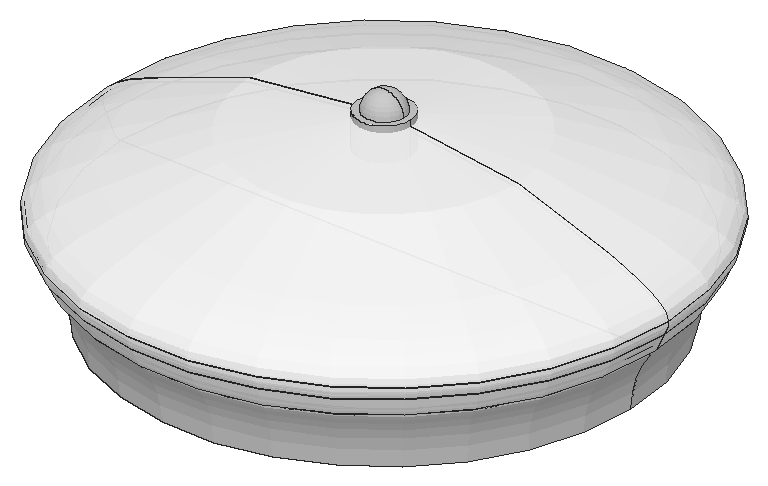
Revit family "0043407", category Lighting Devices, host Face, Revit 2023
Family settings
  Host = Face
  Round Connector Dimension = Use Diameter
  Part Type = Normal
  OmniClass Number = 23.80.70.00
  OmniClass Title = Lighting
  Cut with Voids When Loaded = No
  Maintain Annotation Orientation = No
  Shared = No
  Room Calculation Point = No
Parameters (values of type "START SURFACE IP54 PIR 450-1800 830/840")
  Weight = "0.62 kg"
  Wattage Comments = ""
  WarrantyStartDate [instance] = "n/a"
  WarrantyGuarantorParts = "n/a"
  WarrantyDurationUnit = "Years"
  WarrantyDurationParts = "5"
  WarrantyDescription = "http://www.sylvania-group.com"
  Voltage = 230 V
  URL = "http://www.sylvania-group.com"
  TypeName = "START Surface IP54 - 300mm"
  Type Image = <None>
  Type IFC Predefined Type = "IfcLightFixtureType"
  Type Comments = "n/a"
  SerialNumber [instance] = "n/a"
  Material_3_SYL = none
  PowerFactor = 0.8
  PowerConsumption = "17.5 W"
  NominalLength = NominalDepth  # 300 mm
  NominalHeight = 105 mm
  NominalDepth = 300 mm
  Name = "START SURFACE IP54 PIR 450-1800 830/840"
  ModelReference = Name  # "START SURFACE IP54 PIR 450-1800 830/840"
  ModelNumber = "0043407"
  Model = Name  # "START SURFACE IP54 PIR 450-1800 830/840"
  Material = "Polycarbonate"
  ManufacturerName = Manufacturer  # "Feilo Sylvania"
  Manufacturer = "Feilo Sylvania"
  LuminousEfficacy = "103 lm/W"
  LuminaireType = "Ceiling / surface mounting"
  LightSettingControl [instance] = if(LightSetting < 1, 1, if(LightSetting > 8, 8, LightSetting))  # 1
  Light8_4000K_17.5W [instance] = (LightSettingControl = 8)  # no
  Light7_4000K_13.5W [instance] = (LightSettingControl = 7)  # no
  Light6_4000K_9.3W [instance] = (LightSettingControl = 6)  # no
  Light5_4000K_6W [instance] = (LightSettingControl = 5)  # no
  Light4_3000K_17.5W [instance] = (LightSettingControl = 4)  # no
  Light3_3000K_13.5W [instance] = (LightSettingControl = 3)  # no
  Light2_3000K_9.3W [instance] = (LightSettingControl = 2)  # no
  Light1_3000K_6W [instance] = (LightSettingControl = 1)  # yes
  LightSetting [instance] = 1
  LightOutputRatio = ""
  LampsType = Lamp  # "LED"
  LampNominalLuminous = "1800 lm"
  LampMacAdamStep = "6"
  LampHeight = 94 mm
  LampColourTemperature = "3000/4000K"
  LampColourRenderingIndex = "80"
  Lamp = "LED"
  Keynote = "16500"
  InstallationDate [instance] = "n/a"
  InputVoltage = "220-240 V"
  InputNominalFrequency = "50/60Hz"
  IngressProtection = "IP54"
  ImpactProtectionIndex = "IK03"
  IfcExportType = "IfcLightFixtureType"
  IfcExportAs = "IfcLightFixtureType"
  Export Type to IFC As = "IfcLightFixtureType"
  ElectricShockClassification = "Class II"
  DocumentationLiterature = "https://www.sylvania-lighting.com/product/en-int/products/0043407/"
  DimmingControlOptions = "n/a"
  Material_2_SYL = PMMA Acrylic_Opal_4000K
  DiffuserRadius = if(NominalDepth = 300 mm, 150 mm, 200 mm)  # 150 mm
  Description = "Ceiling / wall luminaire with integrated LED. Perfect solution for hallways, circulation spaces or foyers. Body Size diameter 300mm. Besa mounting box compatible, hole distance 51 & 78mm. DualTone functionality enables switch between 3000K and 4000K colour temperatures. With the help of DIP Switch multiple lumen outputs can be set up in 4 steps (4000K: 6W 450lm, 9.3W 890lm, 13.5W 1400lm, 17.5W 1800lm). Efficacy up to 104lm/W. Supplied with integrated PIR (infra-red) sensor for automatic on-off presence control. Non-dimmable. IK03, IP54. Low maintenance with lifespan 120,000 hours L70:B50."
  Default Elevation = 1219.2 mm
  CreatedOn = "27/08/2024"
  CreatedBy = "petra.pavlicz@sylvania-lighting.com"
  Cost = 0
  Coefficient of Utilization [instance] = 0
  ClassificationValue = "EF_70_80"
  ClassificationName = "Uniclass2015"
  Material_1_SYL = PC Polycarbonate_RAL 9003_Signal white
  BottomRadius = if(NominalDepth = 300 mm, 130 mm, 172 mm)  # 130 mm
  BodyRadius = if(NominalDepth = 300 mm, 140 mm, 186 mm)  # 140 mm
  BodyHeight = if(NominalDepth = 300 mm, 30 mm, 39.5 mm)  # 30 mm
  BarCode [instance] = "n/a"
  AssetType = "Fixed"
  AssetIdentifier [instance] = "n/a"
  Assembly Code = "D5020200"
  Material_4_SYL = none
  Apparent Load = 21.9 VA
Reference planes
  plane 1 "Center (Front/Back)": y = 0
  plane 2: z = 0
  plane 3 "Center (Left/Right)": x = 0
  plane 4: y = 150
  plane 5: y = -150
  plane 6: x = -150
  plane 7: x = 150
  plane 8 "Diffuser top": z = 94
  plane 9 "Body height": z = 30
  plane 10 "Bottom width": x = -130
  plane 11 "Body width": x = -140
  plane 12 "Void": z = 11
  plane 13: z = 105
Forms (mm)
  Extrusion 1, solid, material "PMMA Acrylic_Opal_4000K" <- "Material_2_SYL", detail levels coarse
    sketch origin (0, 0, 0) x (1, 0, 0) y (0, 1, 0)
      loop
        circle (0, 0) r 150
    from 0 to 94
  Revolve 2, solid, material "PC Polycarbonate_RAL 9003_Signal white" <- "Material_1_SYL", detail levels medium+fine
    sketch origin (0, 0, 0) x (1, 0, 0) y (0, 0, 1)
      loop
        line (-130, 0) -> (0, 0) -> (0, 30) -> (-140, 30)
        spline (-140, 30) -> (-140.096, 29.28) -> (-139.766, 28.341) -> (-139.087, 27.151) -> (-138.135, 25.68) -> (-136.989, 23.896) -> (-135.725, 21.767) -> (-134.421, 19.262) -> (-133.154, 16.35) -> (-132.001, 12.999) -> (-131.04, 9.178) -> (-130.347, 4.856) -> (-130, 0)
      axis (0, 30) -> (0, 0)
    angle from 0 to 360
  Revolve 3, solid, material "PMMA Acrylic_Opal_4000K" <- "Material_2_SYL", detail levels medium+fine
    sketch origin (0, 0, 0) x (1, 0, 0) y (0, 0, 1)
      loop
        line (-140, 30) -> (0, 30) -> (0, 31.982) -> (-138.865, 31.982)
        spline (-138.865, 31.982) -> (-139.46, 32.068) -> (-139.993, 32.228) -> (-140.485, 32.484) -> (-140.957, 32.859) -> (-141.427, 33.375) -> (-141.917, 34.053) -> (-142.446, 34.916) -> (-143.035, 35.985) -> (-143.703, 37.282) -> (-144.472, 38.83) -> (-145.361, 40.65) -> (-146.391, 42.764)
        spline (-146.391, 42.764) -> (-146.658, 43.166) -> (-146.904, 43.576) -> (-147.128, 43.993) -> (-147.33, 44.418) -> (-147.511, 44.849) -> (-147.669, 45.288) -> (-147.805, 45.735) -> (-147.92, 46.188) -> (-148.012, 46.649) -> (-148.083, 47.117) -> (-148.132, 47.593) -> (-148.158, 48.075)
        spline (-148.158, 48.075) -> (-146.622, 52.076) -> (-142.283, 55.894) -> (-135.551, 59.689) -> (-126.831, 63.622) -> (-116.532, 67.853) -> (-104.921, 72.433) -> (-91.899, 77.119) -> (-77.305, 81.621) -> (-60.979, 85.648) -> (-42.76, 88.911) -> (-22.487, 91.119) -> (0, 91.982)
        line (0, 91.982) -> (0, 94)
        spline (0, 94) -> (-22.674, 93.214) -> (-43.099, 91.049) -> (-61.45, 87.793) -> (-77.901, 83.737) -> (-92.625, 79.168) -> (-105.795, 74.375) -> (-117.586, 69.649) -> (-128.097, 65.221) -> (-137.029, 61.024) -> (-143.945, 56.891) -> (-148.414, 52.653) -> (-150, 48.14)
        spline (-150, 48.14) -> (-149.986, 47.542) -> (-149.945, 46.952) -> (-149.877, 46.37) -> (-149.781, 45.797) -> (-149.658, 45.231) -> (-149.507, 44.674) -> (-149.329, 44.124) -> (-149.123, 43.583) -> (-148.891, 43.05) -> (-148.63, 42.525) -> (-148.343, 42.009) -> (-148.028, 41.5)
        spline (-148.028, 41.5) -> (-146.93, 39.245) -> (-145.981, 37.304) -> (-145.161, 35.653) -> (-144.448, 34.269) -> (-143.82, 33.129) -> (-143.256, 32.209) -> (-142.733, 31.486) -> (-142.232, 30.936) -> (-141.729, 30.535) -> (-141.204, 30.262) -> (-140.635, 30.091) -> (-140, 30)
      axis (0, 94) -> (0, 30)
    angle from 360 to 0
  Extrusion 4, void
    sketch origin (0, 0, 0) x (1, 0, 0) y (0, 1, 0)
      loop
        circle (0, 0) r 118.25
    from 0 to 11
Cuts and joins
  Extrusion 4 cuts Revolve 2
Dimensions and locks
  "NominalDepth": plane 4 to plane 5
  equal spacing: plane 4, plane 1 "Center (Front/Back)", plane 5
  "NominalLength": plane 6 to plane 7
  equal spacing: plane 6, plane 3 "Center (Left/Right)", plane 7
  "LampHeight": plane 8 "Diffuser top" to plane 2
  "BottomRadius": plane 3 "Center (Left/Right)" to plane 10 "Bottom width"
  "BodyRadius": plane 3 "Center (Left/Right)" to plane 11 "Body width"
  "BodyHeight": plane 9 "Body height" to plane 2
  "DiffuserRadius": plane 3 "Center (Left/Right)" to plane 6
  locked: plane 12 "Void" to plane 2 at 11
  "NominalHeight": plane 13 to plane 2
  "NominalDepth": diameter of Extrusion 1 sketch curve
  diameter of Extrusion 4 sketch curve = 236.5 mm
  aligned and locked: plane 2 to host face
  aligned and locked: level to host face
  aligned and locked: Extrusion 1 to plane 2
  aligned and locked: plane 8 "Diffuser top" to Extrusion 1
  aligned and locked: Revolve 2 sketch curve to plane 3 "Center (Left/Right)"
  aligned and locked: Revolve 2 to plane 9 "Body height"
  aligned and locked: Revolve 2 to plane 2
  aligned and locked: plane 10 "Bottom width" to Revolve 2 sketch curve
  aligned and locked: plane 11 "Body width" to Revolve 2 sketch curve
  aligned and locked: Revolve 2 sketch curve to plane 2
  aligned and locked: Revolve 2 sketch curve to plane 9 "Body height"
  aligned and locked: plane 6 to Revolve 3 sketch curve
  aligned and locked: Revolve 3 sketch curve to plane 9 "Body height"
  aligned and locked: plane 11 "Body width" to Revolve 3 sketch curve
  aligned and locked: plane 3 "Center (Left/Right)" to Extrusion 4 sketch curve
  aligned and locked: plane 1 "Center (Front/Back)" to Extrusion 4 sketch curve
  aligned and locked: cut or joined group of Revolve 2, Extrusion 4 to plane 2
  aligned and locked: plane 12 "Void" to cut or joined group of Revolve 2, Extrusion 4
  aligned and locked: plane 3 "Center (Left/Right)" to Revolve 3 sketch curve  (x2)
  aligned and locked: plane 3 "Center (Left/Right)" to nested 1
  aligned and locked: plane 1 "Center (Front/Back)" to nested 1
Automatic sketch dimensions
  host sketch curve to host sketch curve = 2438.4 mm  (x2)
  Revolve 2 sketch curve to plane 3 "Center (Left/Right)" = 0 mm
  Revolve 2 sketch curve to level = 609.6 mm
  plane 8 "Diffuser top" to Revolve 2 sketch curve = 2515.058 mm
  Revolve 3 sketch curve to plane 3 "Center (Left/Right)" = 0 mm
  Revolve 3 sketch curve to plane 8 "Diffuser top" = 0 mm
  plane 6 to Revolve 3 sketch curve = 1.842 mm
  plane 6 to Revolve 3 sketch curve = 1.972 mm
  Revolve 3 sketch curve to Revolve 3 sketch curve = 1.637 mm
  plane 11 "Body width" to Revolve 3 sketch curve = 1.135 mm
  Revolve 3 sketch curve to Revolve 3 sketch curve = 1.982 mm
  plane 9 "Body height" to Revolve 3 sketch curve = 11.5 mm
  Revolve 3 sketch curve to Revolve 3 sketch curve = 1.264 mm
  Revolve 3 sketch curve to Revolve 3 sketch curve = 5.312 mm
  Revolve 3 sketch curve to Revolve 3 sketch curve = 0.065 mm
  Revolve 3 sketch curve to level = 609.6 mm
  Revolve 3 sketch curve to plane 8 "Diffuser top" = 2.018 mm
  Revolve 3 sketch curve to Revolve 3 sketch curve = 2515.058 mm
  plane 1 "Center (Front/Back)" to Extrusion 1 sketch curve = 0 mm
  Extrusion 1 sketch curve to plane 3 "Center (Left/Right)" = 0 mm
Nested families
  nested 1: "PIR_nested" at (0, 0, 94), type "Type Name"
  nested 2: "0043407_3000K_6W_lightsource" at (0, 0, 94) x (0, -1, 0) z (0, 0, 1), visible <- "Light1_3000K_6W", type "START SURFACE IP54 PIR 450-1800 830/840 lightsource"
    with built-in parameter 1114216 (empty or 0)
  nested 3: "0043407_3000K_9.3W_lightsource" at (0, 0, 94) x (-1, 0, 0) z (0, 0, 1), visible <- "Light2_3000K_9.3W", type "START SURFACE IP54 PIR 450-1800 830/840 lightsource"
    with built-in parameter 1114216 (empty or 0)
  nested 4: "0043407_3000K_13.5W_lightsource" at (0, 0, 94) x (-1, 0, 0) z (0, 0, 1), visible <- "Light3_3000K_13.5W", type "START SURFACE IP54 PIR 450-1800 830/840 lightsource"
    with built-in parameter 1114216 (empty or 0)
  nested 5: "0043407_3000K_17.5W_lightsource" at (0, 0, 94) x (-1, 0, 0) z (0, 0, 1), visible <- "Light4_3000K_17.5W", type "START SURFACE IP54 PIR 450-1800 830/840 lightsource"
    with built-in parameter 1114216 (empty or 0)
  nested 6: "0043407_4000K_6W_lightsource" at (0, 0, 94) x (-1, 0, 0) z (0, 0, 1), visible <- "Light5_4000K_6W", type "START SURFACE IP54 PIR 450-1800 830/840 lightsource"
    with built-in parameter 1114216 (empty or 0)
  nested 7: "0043407_4000K_9.3W_lightsource" at (0, 0, 94) x (-1, 0, 0) z (0, 0, 1), visible <- "Light6_4000K_9.3W", type "START SURFACE IP54 PIR 450-1800 830/840 lightsource"
    with built-in parameter 1114216 (empty or 0)
  nested 8: "0043407_4000K_13.5W_lightsource" at (0, 0, 94) x (-1, 0, 0) z (0, 0, 1), visible <- "Light7_4000K_13.5W", type "START SURFACE IP54 PIR 450-1800 830/840 lightsource"
    with built-in parameter 1114216 (empty or 0)
  nested 9: "0043407_4000K_17.5W_lightsource" at (0, 0, 94) x (-1, 0, 0) z (0, 0, 1), type "START SURFACE IP54 PIR 450-1800 830/840 lightsource"
    with built-in parameter 1114216 (empty or 0)
Connectors
  electrical at (0, 0, 0), driven by "Apparent Load", driven by "PowerFactor", driven by "Voltage"
    settings: index 1, voltage 230 V, apparent load 21.9 VA, apparent load phase1 0 VA, apparent load phase2 0 VA, apparent load phase3 0 VA, power factor 0.8, load classification "Lighting", number of poles 1, system type 30, power factor state 1, is connector primary yes, connector utility no, sub classification motor no, connector description ""
Definition of nested family "PIR_nested"
  Parameters (values of type "Type Name")
    URL = "http://www.sylvania-lighting.com"
    Type Image = (empty or 0)
    Type Comments = "n/a"
    Material_3_SYL = none
    Model = ""
    Manufacturer = "Feilo Sylvania"
    Keynote = ""
    Material_2_SYL = none
    Description = ""
    Default Elevation = 1219.2 mm
    Cost = 0
    Material_1_SYL = none
    Assembly Code = ""
    Material_4_SYL = none
  Reference planes
    plane 1 "Center (Front/Back)": y = 0
    plane 2: z = 0
    plane 3 "Center (Left/Right)": x = 0
  Forms (mm)
    Extrusion 1, solid
      sketch origin (4.2, 0, 0) x (1, 0, 0) y (0, 1, 0)
        loop
          line (-1219.2, 1219.2) -> (-1219.2, -1219.2) -> (1219.2, -1219.2) -> (1219.2, 1219.2) -> (-1219.2, 1219.2)
      from 0 to -68.017
    Extrusion 2, solid, material <- "Material_1_SYL"
      sketch origin (0, 0, 0) x (1, 0, 0) y (0, 1, 0)
        loop
          circle (0, 0) r 13.75
      from -16 to 1.5
    Revolve 3, solid, material <- "Material_1_SYL"
      sketch origin (0, 0, -0.5) x (1, 0, 0) y (0, 0, 1)
        loop
          line (-10.268, 2) -> (0, 2) -> (0, 11.78)
          arc (0, 11.78) -> (-7.09, 8.944) -> (-10.268, 2) r 10.28
        axis (0, 11.78) -> (0, 2)
      angle from 0 to 360
  Dimensions and locks
    diameter of Extrusion 2 sketch curve = 27.5 mm
    radius of Revolve 3 sketch curve = 10.28 mm
    aligned and locked: plane 2 to Extrusion 1
    aligned and locked: level to Extrusion 1
    aligned and locked: plane 3 "Center (Left/Right)" to Extrusion 2 sketch curve
    aligned and locked: plane 1 "Center (Front/Back)" to Extrusion 2 sketch curve
    aligned and locked: plane 3 "Center (Left/Right)" to Revolve 3 sketch curve  (x2)
    aligned and locked: Revolve 3 sketch curve to plane 3 "Center (Left/Right)"
    aligned and locked: Revolve 3 to Extrusion 2
Definition of nested family "0043407_3000K_6W_lightsource"
  Parameters (values of type "START SURFACE IP54 PIR 450-1800 830/840 lightsource")
    Wattage Comments = "n/a"
    Wattage = 6 W
    built-in parameter 1150110 = 1 (stored number, unit not read)
    URL = "http://www.sylvania-lighting.com"
    Type Image = (empty or 0)
    Type Comments = "n/a"
    built-in parameter 1114217 = 1 (stored number, unit not read)
    Tilt Angle = -90.00°
    built-in parameter 1150109 = 1 (stored number, unit not read)
    built-in parameter 1150134 = (empty or 0)
    built-in parameter 1150113 = 1 (stored number, unit not read)
    Photometric Web File = "0043407_3000K_6W.IES"
    built-in parameter 1150142 = "IESNA:LM-63-2002\r\n[TEST] 20231108002M-01\r\n[TESTLAB] \r\n[TESTDATE] 8 Nov 2023\r\n[ISSUEDATE] 8 Nov 2023\r\n[MANUFAC] SYLVANIA\r\n[LUMCAT] 0043407\r\n[LUMINAIRE] START Surface IP44 Multip PIR 1800lm 830 840-3000K 4µµ\r\n[FLASHAREA] 0.017100\r\n[LAMPCAT] LED\r\n[LAMP] LED\r\nTILT=NONE\r\n1 430.00 1.0 181 3 1 2 -0.300 -0.300 0.000\r\n1.00 1.00 6.00\r\n0.00 1.00 2.00 3.00 4.00 5.00 6.00 7.00 8.00 9.00 10.00 \r\n11.00 12.00 13.00 14.00 15.00 16.00 17.00 18.00 19.00 \r\n20.00 21.00 22.00 23.00 24.00 25.00 26.00 27.00 28.00 \r\n29.00 30.00 31.00 32.00 33.00 34.00 35.00 36.00 37.00 \r\n38.00 39.00 40.00 41.00 42.00 43.00 44.00 45.00 46.00 \r\n47.00 48.00 49.00 50.00 51.00 52.00 53.00 54.00 55.00 \r\n56.00 57.00 58.00 59.00 60.00 61.00 62.00 63.00 64.00 \r\n65.00 66.00 67.00 68.00 69.00 70.00 71.00 72.00 73.00 \r\n74.00 75.00 76.00 77.00 78.00 79.00 80.00 81.00 82.00 \r\n83.00 84.00 85.00 86.00 87.00 88.00 89.00 90.00 91.00 \r\n92.00 93.00 94.00 95.00 96.00 97.00 98.00 99.00 100.00 \r\n101.00 102.00 103.00 104.00 105.00 106.00 107.00 108.00 \r\n109.00 110.00 111.00 112.00 113.00 114.00 115.00 116.00 \r\n117.00 118.00 119.00 120.00 121.00 122.00 123.00 124.00 \r\n125.00 126.00 127.00 128.00 129.00 130.00 131.00 132.00 \r\n133.00 134.00 135.00 136.00 137.00 138.00 139.00 140.00 \r\n141.00 142.00 143.00 144.00 145.00 146.00 147.00 148.00 \r\n149.00 150.00 151.00 152.00 153.00 154.00 155.00 156.00 \r\n157.00 158.00 159.00 160.00 161.00 162.00 163.00 164.00 \r\n165.00 166.00 167.00 168.00 169.00 170.00 171.00 172.00 \r\n173.00 174.00 175.00 176.00 177.00 178.00 179.00 180.00 \r\n0.00 45.00 90.00 \r\n119.71 119.67 119.58 119.41 119.20 118.94 118.68 118.38 \r\n117.99 117.61 117.17 116.70 116.14 115.58 115.02 114.42 \r\n113.78 113.05 112.36 111.58 110.77 109.95 109.05 108.14 \r\n107.20 106.25 105.31 104.27 103.24 102.13 101.01 99.76 \r\n98.60 97.39 96.15 94.86 93.52 92.23 90.86 89.48 88.06 \r\n86.64 85.18 83.72 82.17 80.71 79.12 77.61 75.98 74.35 \r\n72.76 71.12 69.44 67.77 66.13 64.37 62.65 60.93 59.21 \r\n57.53 55.81 54.14 52.37 50.74 49.02 47.39 45.75 44.12 \r\n42.60 41.00 39.44 37.95 36.49 35.06 33.66 32.31 30.99 \r\n29.71 28.49 27.27 26.08 24.93 23.86 22.82 21.80 20.81 \r\n19.82 18.83 17.91 17.03 16.19 15.40 14.65 13.94 13.29 \r\n12.66 12.07 11.50 10.99 10.48 10.04 9.62 9.25 8.89 8.58 \r\n8.31 8.06 7.85 7.65 7.49 7.31 7.17 7.03 6.91 6.80 6.66 \r\n6.54 6.42 6.32 6.20 6.10 5.99 5.90 5.77 5.65 5.54 5.42 \r\n5.31 5.17 5.07 4.94 4.82 4.73 4.63 4.54 4.44 4.34 4.24 \r\n4.16 4.07 3.96 3.88 3.80 3.70 3.55 3.40 3.25 3.08 2.93 \r\n2.78 2.66 2.57 2.49 2.49 2.49 2.49 2.49 2.49 2.48 2.48 \r\n2.48 2.51 2.55 2.55 2.56 2.48 2.24 1.88 1.44 1.07 0.94 \r\n0.92 1.00 1.10 1.12 1.16 1.37 1.60 1.81 1.87 1.86 \r\n119.71 119.67 119.58 119.50 119.28 119.02 118.81 118.55 \r\n118.25 117.91 117.52 117.05 116.57 116.10 115.54 114.94 \r\n114.29 113.65 113.00 112.32 111.54 110.72 109.86 109.05 \r\n108.14 107.20 106.21 105.22 104.15 103.11 102.00 100.88 \r\n99.72 98.56 97.31 96.11 94.86 93.57 92.28 90.94 89.57 \r\n88.15 86.73 85.31 83.85 82.39 80.84 79.33 77.83 76.24 \r\n74.69 73.06 71.47 69.79 68.16 66.48 64.76 63.12 61.45 \r\n59.73 58.01 56.33 54.61 52.93 51.26 49.58 47.90 46.31 \r\n44.68 43.09 41.47 39.96 38.43 36.98 35.52 34.08 32.74 \r\n31.38 30.10 28.84 27.62 26.43 25.25 24.12 23.08 22.13 \r\n21.15 20.17 19.23 18.29 17.45 16.60 15.79 15.04 14.30 \r\n13.61 12.98 12.35 11.78 11.23 10.74 10.26 9.83 9.43 9.06 \r\n8.73 8.42 8.15 7.92 7.68 7.49 7.34 7.20 7.10 6.98 6.87 \r\n6.80 6.75 6.68 6.61 6.48 6.36 6.25 6.10 5.94 5.77 5.58 \r\n5.41 5.25 5.11 4.95 4.79 4.65 4.47 4.24 3.96 3.71 3.45 \r\n3.20 2.96 2.73 2.51 2.33 2.17 2.05 1.95 1.82 1.70 1.67 \r\n1.68 1.70 1.75 1.82 1.94 2.03 2.13 2.14 2.13 2.09 2.03 \r\n1.94 1.80 1.66 1.63 1.53 1.44 1.24 1.19 1.14 1.09 1.04 \r\n0.99 0.94 1.02 1.08 1.14 1.26 1.40 1.75 2.01 2.02 \r\n119.71 119.71 119.71 119.71 119.54 119.41 119.20 118.98 \r\n118.72 118.38 118.03 117.65 117.22 116.75 116.23 115.71 \r\n115.11 114.55 113.91 113.22 112.44 111.71 110.94 110.12 \r\n109.26 108.36 107.46 106.51 105.52 104.49 103.54 102.51 \r\n101.39 100.28 99.07 97.87 96.62 95.42 94.13 92.84 91.50 \r\n90.13 88.80 87.42 85.96 84.50 83.03 81.57 80.02 78.52 \r\n76.93 75.38 73.79 72.20 70.56 68.93 67.25 65.58 63.90 \r\n62.26 60.59 58.87 57.23 55.51 53.84 52.16 50.52 48.89 \r\n47.26 45.71 44.03 42.51 40.96 39.45 37.99 36.52 35.12 \r\n33.72 32.40 31.06 29.77 28.56 27.35 26.18 25.00 23.92 \r\n22.84 21.81 20.81 19.81 18.84 17.85 17.01 16.16 15.39 \r\n14.65 13.93 13.29 12.64 12.05 11.50 10.99 10.49 10.05 \r\n9.64 9.25 8.92 8.61 8.34 8.09 7.86 7.67 7.50 7.36 7.23 \r\n7.12 7.04 6.94 6.84 6.78 6.70 6.63 6.56 6.50 6.43 6.37 \r\n6.31 6.25 6.21 6.17 6.09 6.01 5.89 5.73 5.57 5.41 5.20 \r\n4.98 4.77 4.55 4.34 4.15 3.99 3.85 3.74 3.64 3.52 3.41 \r\n3.32 3.23 3.12 3.00 2.89 2.75 2.61 2.46 2.33 2.20 2.02 \r\n1.84 1.66 1.49 1.26 1.03 0.85 0.70 0.71 0.85 1.06 1.15 \r\n1.14 0.85 0.79 0.80 0.78 0.78 1.06 1.28 1.60 2.03 2.14 \r\n"
    Model = "START SURFACE IP54 PIR 450-1800 830/840 lightsource"
    Manufacturer = "Feilo Sylvania"
    built-in parameter 1150105 = 172.05 (stored number, unit not read)
    Lumens = 618 lm
    built-in parameter 1150115 = 1 (stored number, unit not read)
    built-in parameter 1150137 = (empty or 0)
    built-in parameter 1150139 = (empty or 0)
    built-in parameter 1150112 = 1 (stored number, unit not read)
    built-in parameter 1150114 = 1 (stored number, unit not read)
    Lamp = "LED"
    Keynote = "16500"
    built-in parameter 1150132 = (empty or 0)
    built-in parameter 1150102 = 103
    built-in parameter 1150107 = 3000 (stored number, unit not read)
    built-in parameter 1150138 = (empty or 0)
    built-in parameter 1150106 = 1.7205 (stored number, unit not read)
    Emit from Circle Diameter = 300 mm  # constant formula
    Emit Shape Visible in Rendering = no
    built-in parameter 1150104 = 9.569 (stored number, unit not read)
    Dimming Lamp Color Temperature Shift = (empty or 0)
    Description = ""
    Default Elevation = 1219.2 mm
    Cost = 0
    Color Filter = 16777215
    built-in parameter 1114216 [instance] = (empty or 0)
    built-in parameter 1114218 = 1 (stored number, unit not read)
    built-in parameter 1150133 = 10 (stored number, unit not read)
    Assembly Code = "D5020200"
    Apparent Load = 0 VA
  Reference planes
    plane 1 "Center (Front/Back)": y = 0
    plane 2: z = 0
    plane 3 "Center (Left/Right)": x = 0
  Forms (mm)
    Extrusion 1, solid
      sketch origin (4.2, 0, 0) x (1, 0, 0) y (0, 1, 0)
        loop
          line (-1219.2, 1219.2) -> (-1219.2, -1219.2) -> (1219.2, -1219.2) -> (1219.2, 1219.2) -> (-1219.2, 1219.2)
      from 0 to -68.017
  Dimensions and locks
    aligned and locked: plane 2 to Extrusion 1
    aligned and locked: level to Extrusion 1
Definition of nested family "0043407_3000K_9.3W_lightsource"
  Parameters (values of type "START SURFACE IP54 PIR 450-1800 830/840 lightsource")
    Wattage Comments = "n/a"
    Wattage = 9.3 W
    built-in parameter 1150110 = 1 (stored number, unit not read)
    URL = "http://www.sylvania-lighting.com"
    Type Image = (empty or 0)
    Type Comments = "n/a"
    built-in parameter 1114217 = 1 (stored number, unit not read)
    Tilt Angle = -90.00°
    built-in parameter 1150109 = 1 (stored number, unit not read)
    built-in parameter 1150134 = (empty or 0)
    built-in parameter 1150113 = 1 (stored number, unit not read)
    Photometric Web File = "0043407_3000K_9.3W.IES"
    built-in parameter 1150142 = "IESNA:LM-63-2002\r\n[TEST] 20231108002M-01\r\n[TESTLAB] \r\n[TESTDATE] 8 Nov 2023\r\n[ISSUEDATE] 8 Nov 2023\r\n[MANUFAC] SYLVANIA\r\n[LUMCAT] 0043407\r\n[LUMINAIRE] START Surface IP44 Multip PIR 1800lm 830 840-3000K 3µµ\r\n[FLASHAREA] 0.017100\r\n[LAMPCAT] LED\r\n[LAMP] LED\r\nTILT=NONE\r\n1 850.00 1.0 181 3 1 2 -0.300 -0.300 0.000\r\n1.00 1.00 9.30\r\n0.00 1.00 2.00 3.00 4.00 5.00 6.00 7.00 8.00 9.00 10.00 \r\n11.00 12.00 13.00 14.00 15.00 16.00 17.00 18.00 19.00 \r\n20.00 21.00 22.00 23.00 24.00 25.00 26.00 27.00 28.00 \r\n29.00 30.00 31.00 32.00 33.00 34.00 35.00 36.00 37.00 \r\n38.00 39.00 40.00 41.00 42.00 43.00 44.00 45.00 46.00 \r\n47.00 48.00 49.00 50.00 51.00 52.00 53.00 54.00 55.00 \r\n56.00 57.00 58.00 59.00 60.00 61.00 62.00 63.00 64.00 \r\n65.00 66.00 67.00 68.00 69.00 70.00 71.00 72.00 73.00 \r\n74.00 75.00 76.00 77.00 78.00 79.00 80.00 81.00 82.00 \r\n83.00 84.00 85.00 86.00 87.00 88.00 89.00 90.00 91.00 \r\n92.00 93.00 94.00 95.00 96.00 97.00 98.00 99.00 100.00 \r\n101.00 102.00 103.00 104.00 105.00 106.00 107.00 108.00 \r\n109.00 110.00 111.00 112.00 113.00 114.00 115.00 116.00 \r\n117.00 118.00 119.00 120.00 121.00 122.00 123.00 124.00 \r\n125.00 126.00 127.00 128.00 129.00 130.00 131.00 132.00 \r\n133.00 134.00 135.00 136.00 137.00 138.00 139.00 140.00 \r\n141.00 142.00 143.00 144.00 145.00 146.00 147.00 148.00 \r\n149.00 150.00 151.00 152.00 153.00 154.00 155.00 156.00 \r\n157.00 158.00 159.00 160.00 161.00 162.00 163.00 164.00 \r\n165.00 166.00 167.00 168.00 169.00 170.00 171.00 172.00 \r\n173.00 174.00 175.00 176.00 177.00 178.00 179.00 180.00 \r\n0.00 45.00 90.00 \r\n235.96 235.79 235.54 235.19 234.77 234.26 233.75 233.07 \r\n232.39 231.54 230.78 229.75 228.82 227.80 226.69 225.42 \r\n224.14 222.79 221.34 219.89 218.28 216.58 214.97 213.18 \r\n211.31 209.36 207.40 205.44 203.32 201.11 198.90 196.61 \r\n194.31 191.84 189.38 186.83 184.37 181.73 179.09 176.29 \r\n173.57 170.68 167.88 164.98 162.01 159.03 155.97 153.00 \r\n149.77 146.63 143.48 140.16 136.94 133.62 130.31 126.99 \r\n123.59 120.27 116.88 113.56 110.16 106.84 103.44 100.13 \r\n96.81 93.58 90.35 87.21 84.10 81.05 78.00 75.05 72.13 \r\n69.27 66.47 63.82 61.23 58.74 56.30 53.91 51.56 49.32 \r\n47.22 45.10 43.08 41.13 39.16 37.35 35.55 33.84 32.20 \r\n30.65 29.18 27.80 26.50 25.24 24.09 22.98 21.96 20.98 \r\n19.98 19.18 18.44 17.76 17.14 16.58 16.09 15.64 15.27 \r\n14.94 14.61 14.31 14.04 13.79 13.54 13.30 13.09 12.85 \r\n12.64 12.43 12.22 11.98 11.78 11.57 11.33 11.12 10.88 \r\n10.67 10.42 10.18 9.94 9.72 9.49 9.33 9.15 8.94 8.76 8.58 \r\n8.40 8.22 8.03 7.86 7.71 7.51 7.21 6.92 6.59 6.27 5.96 \r\n5.66 5.40 5.21 5.07 5.03 5.03 5.07 5.08 5.07 5.07 5.08 \r\n5.15 5.22 5.28 5.30 5.29 5.05 4.57 3.87 2.99 2.32 2.09 \r\n2.04 2.32 2.49 2.56 2.66 3.07 3.49 3.88 3.97 3.97 \r\n235.96 235.79 235.62 235.36 235.03 234.60 234.17 233.58 \r\n232.99 232.31 231.54 230.60 229.67 228.65 227.54 226.44 \r\n225.25 223.97 222.61 221.17 219.64 218.11 216.49 214.79 \r\n213.01 211.14 209.27 207.31 205.28 203.15 201.03 198.81 \r\n196.52 194.22 191.84 189.47 187.00 184.45 181.81 179.18 \r\n176.54 173.82 171.02 168.22 165.24 162.35 159.38 156.40 \r\n153.34 150.28 147.13 143.99 140.84 137.62 134.30 131.07 \r\n127.76 124.44 121.13 117.81 114.41 111.09 107.78 104.47 \r\n101.15 97.83 94.60 91.38 88.23 85.08 82.02 79.04 76.08 \r\n73.20 70.35 67.57 64.89 62.25 59.72 57.20 54.79 52.44 \r\n50.14 47.95 45.84 43.88 41.94 40.03 38.19 36.36 34.62 \r\n32.97 31.38 29.88 28.47 27.11 25.81 24.62 23.45 22.46 \r\n21.51 20.59 19.72 18.94 18.23 17.56 16.96 16.41 15.93 \r\n15.49 15.11 14.78 14.49 14.25 14.04 13.86 13.71 13.57 \r\n13.46 13.30 13.10 12.86 12.60 12.32 12.01 11.67 11.31 \r\n10.96 10.67 10.37 10.06 9.78 9.45 9.09 8.64 8.14 7.61 \r\n7.10 6.60 6.11 5.63 5.21 4.86 4.56 4.31 4.09 3.85 3.63 \r\n3.48 3.50 3.55 3.65 3.77 4.00 4.19 4.40 4.53 4.50 4.38 \r\n4.28 4.10 3.81 3.56 3.49 3.33 3.15 2.80 2.68 2.56 2.44 \r\n2.32 2.21 2.09 2.28 2.41 2.49 2.74 3.01 3.72 4.19 4.23 \r\n235.96 235.96 235.96 235.79 235.54 235.19 234.77 234.34 \r\n233.75 233.16 232.47 231.63 230.86 229.92 228.91 227.97 \r\n226.86 225.67 224.40 223.13 221.68 220.15 218.62 217.09 \r\n215.39 213.61 211.82 209.95 207.99 206.04 204.00 201.96 \r\n199.75 197.54 195.16 192.78 190.40 188.02 185.47 182.92 \r\n180.28 177.65 174.93 172.21 169.41 166.60 163.71 160.82 \r\n157.84 154.87 151.89 148.75 145.69 142.46 139.31 136.08 \r\n132.86 129.54 126.22 122.99 119.77 116.36 113.05 109.73 \r\n106.50 103.19 99.96 96.64 93.50 90.35 87.21 84.13 81.06 \r\n78.08 75.13 72.24 69.44 66.73 64.14 61.51 59.01 56.55 \r\n54.19 51.88 49.55 47.41 45.29 43.25 41.27 39.30 37.37 \r\n35.59 33.87 32.29 30.73 29.27 27.89 26.54 25.30 24.11 \r\n23.04 22.00 21.00 20.05 19.25 18.51 17.82 17.22 16.67 \r\n16.19 15.72 15.33 15.01 14.72 14.46 14.24 14.07 13.87 \r\n13.71 13.55 13.43 13.29 13.14 13.02 12.89 12.78 12.67 \r\n12.56 12.44 12.35 12.21 12.03 11.80 11.50 11.17 10.80 \r\n10.40 10.00 9.57 9.16 8.74 8.35 8.06 7.81 7.59 7.37 7.16 \r\n6.93 6.73 6.56 6.33 6.10 5.86 5.58 5.30 5.03 4.76 4.50 \r\n4.17 3.80 3.43 3.10 2.65 2.20 1.84 1.59 1.65 1.99 2.42 \r\n2.58 2.44 1.87 2.04 2.21 2.37 2.54 2.71 2.88 3.50 4.31 \r\n4.49 \r\n"
    Model = "START SURFACE IP54 PIR 450-1800 830/840 lightsource"
    Manufacturer = "Feilo Sylvania"
    built-in parameter 1150105 = 265.91 (stored number, unit not read)
    Lumens = 957.9 lm
    built-in parameter 1150115 = 1 (stored number, unit not read)
    built-in parameter 1150137 = (empty or 0)
    built-in parameter 1150139 = (empty or 0)
    built-in parameter 1150112 = 1 (stored number, unit not read)
    built-in parameter 1150114 = 1 (stored number, unit not read)
    Lamp = "LED"
    Keynote = "16500"
    built-in parameter 1150132 = (empty or 0)
    built-in parameter 1150102 = 103
    built-in parameter 1150107 = 3000 (stored number, unit not read)
    built-in parameter 1150138 = (empty or 0)
    built-in parameter 1150106 = 2.6591 (stored number, unit not read)
    Emit from Circle Diameter = 300 mm  # constant formula
    Emit Shape Visible in Rendering = no
    built-in parameter 1150104 = 9.569 (stored number, unit not read)
    Dimming Lamp Color Temperature Shift = (empty or 0)
    Description = ""
    Default Elevation = 1219.2 mm
    Cost = 0
    Color Filter = 16777215
    built-in parameter 1114216 [instance] = (empty or 0)
    built-in parameter 1114218 = 1 (stored number, unit not read)
    built-in parameter 1150133 = 10 (stored number, unit not read)
    Assembly Code = "D5020200"
    Apparent Load = 0 VA
  Reference planes
    plane 1 "Center (Front/Back)": y = 0
    plane 2: z = 0
    plane 3 "Center (Left/Right)": x = 0
  Forms (mm)
    Extrusion 1, solid
      sketch origin (4.2, 0, 0) x (1, 0, 0) y (0, 1, 0)
        loop
          line (-1219.2, 1219.2) -> (-1219.2, -1219.2) -> (1219.2, -1219.2) -> (1219.2, 1219.2) -> (-1219.2, 1219.2)
      from 0 to -68.017
  Dimensions and locks
    aligned and locked: plane 2 to Extrusion 1
    aligned and locked: level to Extrusion 1
Definition of nested family "0043407_3000K_13.5W_lightsource"
  Parameters (values of type "START SURFACE IP54 PIR 450-1800 830/840 lightsource")
    Wattage Comments = "n/a"
    Wattage = 13.5 W
    built-in parameter 1150110 = 1 (stored number, unit not read)
    URL = "http://www.sylvania-lighting.com"
    Type Image = (empty or 0)
    Type Comments = "n/a"
    built-in parameter 1114217 = 1 (stored number, unit not read)
    Tilt Angle = -90.00°
    built-in parameter 1150109 = 1 (stored number, unit not read)
    built-in parameter 1150134 = (empty or 0)
    built-in parameter 1150113 = 1 (stored number, unit not read)
    Photometric Web File = "0043407_3000K_13.5W.IES"
